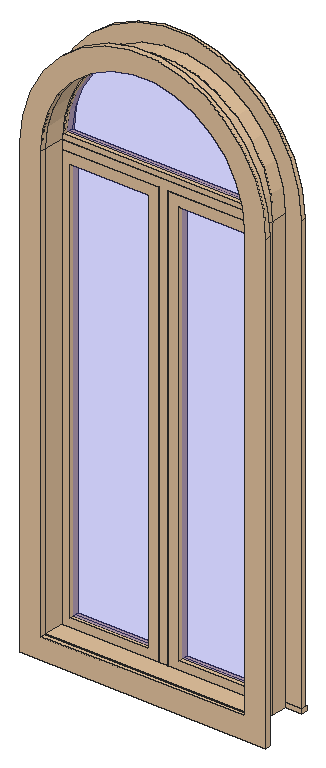
Revit family "M_Janela-batente-duplo-redondo", category Janelas, Revit 2019
Family settings
  Hospedeiro = Parede
  Número OmniClass = 23.30.20.17.21.14
  Título OmniClass = Casement Windows
  ID de item do Seek = Combination Rtp with Trim-0000-CAN-ENU
  Sempre na vertical = Sim
  Corte com vazios quando carregada = Não
  Compartilhado = Não
  Ponto de cálculo do ambiente = Não
Parameters (values of type "0915 x 1830mm")
  Visual Light Transmittance = 0.9
  Solar Heat Gain Coefficient = 0.86
  ID do tipo de construção = ""
  Coeficiente de transferência de calor (U) = 5.5617 W/(m²·K)
  Material do painel de vidro = Vidro
  Altura = 1830.00 mm
  Model = ""
  Caixilho = Caixilho
  Altura-padrão do peitoril = 305.00 mm
  Material da apara externa = Recortar
  Material da apara interna = Recortar
  Projeção da apara - Ext. = 13.00 mm
  Projeção da apara - Int. = 19.00 mm
  Largura da apara - Exterior = 89.00 mm
  Largura da apara - Interior = 89.00 mm
  Fechamento da parede = Por hospedeiro
  Largura = 915.00 mm
  Janela aplicada = 19.00 mm
  Construção analítica = Janelas grandes envidraçadas únicas
Types (5, lengths in mm): name | Altura | Altura-padrão do peitoril | Largura
  (no name) | 1830.00 | 305.00 | 915.00
  0915 x 1830mm | 1830.00 | 305.00 | 915.00
  0915 x 1220mm | 1220.00 | 915.00 | 915.00
  1220 x 1220mm | 1220.00 | 915.00 | 1220.00
  1220 x 1830mm | 1830.00 | 305.00 | 1220.00
Reference planes
  plane 1: y = 0
  plane 2 "Centro": x = 8.002
  plane 3 "Esquerda": x = 465.502
  plane 4 "Direita": x = -449.498
  plane 5 "Peitoril": z = 305
  plane 6 "Superior": z = 2135
  plane 7: z = 2154.05
  plane 8: z = 2154.05
  plane 9: z = 2154.05
  plane 10: z = 2154.05
  plane 11: z = 2154.05
  plane 12: z = 2154.05
  plane 13: z = 2154.05
  plane 14 "Raio": z = 1220
  plane 15: x = -430.448
  plane 16: x = -417.748
  plane 17: x = -519.448
  plane 18: x = -506.748
  plane 19: x = 433.752
  plane 20: x = 446.452
  plane 21: x = 522.752
  plane 22: x = 535.452
  plane 23: z = 247.75
  plane 24: z = 336.75
  plane 25 "Fechamento": y = 28.625
Forms (mm)
  Extrusion 1, solid, material "Recortar" <- "Material da apara interna"
    sketch origin (8.002, -19.05, 0) x (-1, 0, 0) y (0, 0, 1)
      loop
        line (-457.5, 2154.05) -> (-457.5, 305) -> (457.5, 305) -> (457.5, 2154.05)
        arc (457.5, 2154.05) -> (0, 2611.55) -> (-457.5, 2154.05) r 457.5
      loop
        line (-425.75, 2154.05) -> (-425.75, 336.75) -> (425.75, 336.75) -> (425.75, 2154.05)
        arc (425.75, 2154.05) -> (0, 2579.8) -> (-425.75, 2154.05) r 425.75
    from 31.8 to -57.15
  Extrusion 2, solid, material "Caixilho" <- "Caixilho"
    sketch origin (8.002, -19.05, 0) x (-1, 0, 0) y (0, 0, 1)
      loop
        line (19.05, 2115.95) -> (19.05, 324.05) -> (438.45, 324.05) -> (438.45, 2115.95) -> (19.05, 2115.95)
      loop
        line (63.5, 2071.5) -> (63.5, 368.5) -> (394, 368.5) -> (394, 2071.5) -> (63.5, 2071.5)
    from 31.8 to 76.25
  Extrusion 3, solid, material "Vidro" <- "Material do painel de vidro"
    sketch origin (-116.968, -19.05, -117.036) x (1, 0, 0) y (0, 0, 1)
      loop
        line (-269.029, 2188.536) -> (-269.029, 485.536) -> (61.471, 485.536) -> (61.471, 2188.536) -> (-269.029, 2188.536)
    from -60.375 to -47.675
  Extrusion 4, solid, material "Recortar" <- "Material da apara externa"
    sketch origin (8.002, -19.05, 0) x (-1, 0, 0) y (0, 0, 1)
      loop
        arc (-438.45, 2154.05) -> (0, 2592.5) -> (438.45, 2154.05) r 438.45
        line (438.45, 2154.05) -> (438.45, 324.05) -> (527.45, 324.05) -> (527.45, 2154.05)
        arc (527.45, 2154.05) -> (0, 2681.5) -> (-527.45, 2154.05) r 527.45
        line (-527.45, 2154.05) -> (-527.45, 324.05) -> (-438.45, 324.05) -> (-438.45, 2154.05)
    from 95.25 to 108.25
  Extrusion 5, solid, material "Recortar" <- "Material da apara externa"
    sketch origin (8.002, -19.05, 0) x (-1, 0, 0) y (0, 0, 1)
      loop
        line (-527.45, 324.05) -> (-527.45, 305) -> (527.45, 305) -> (527.45, 324.05) -> (-527.45, 324.05)
    from 95.25 to 120.95
  Extrusion 6, solid, material "Caixilho" <- "Caixilho"
    sketch origin (8.002, -19.05, 0) x (1, 0, 0) y (0, 0, 1)
      loop
        line (-19.05, 2115.95) -> (-19.05, 324.05) -> (19.05, 324.05) -> (19.05, 2115.95) -> (438.45, 2115.95) -> (438.45, 2154.05) -> (-438.45, 2154.05) -> (-438.45, 2115.95) -> (-19.05, 2115.95)
    from -95.3 to -31.8
  Extrusion 7, solid, material "Caixilho" <- "Caixilho"
    sketch origin (8.002, -19.05, 0) x (-1, 0, 0) y (0, 0, 1)
      loop
        line (-438.45, 2115.95) -> (-438.45, 324.05) -> (-19.05, 324.05) -> (-19.05, 2115.95) -> (-438.45, 2115.95)
      loop
        line (-394, 2071.5) -> (-394, 368.5) -> (-63.5, 368.5) -> (-63.5, 2071.5) -> (-394, 2071.5)
    from 31.8 to 76.25
  Extrusion 8, solid, material "Vidro" <- "Material do painel de vidro"
    sketch origin (8.002, -19.05, 0) x (-1, 0, 0) y (0, 0, 1)
      loop
        line (-394, 2071.5) -> (-394, 368.5) -> (-63.5, 368.5) -> (-63.5, 2071.5) -> (-394, 2071.5)
    from 47.675 to 60.375
  Extrusion 9, solid, material "Recortar" <- "Material da apara externa"
    sketch origin (0, -19.05, 0) x (1, 0, 0) y (0, 0, 1)
      loop
        line (-449.498, 2154.05) -> (-449.498, 305) -> (465.502, 305) -> (465.502, 2154.05)
        arc (465.502, 2154.05) -> (8.002, 2611.55) -> (-449.498, 2154.05) r 457.5
      loop
        line (-430.448, 2154.05) -> (-430.448, 324.05) -> (446.452, 324.05) -> (446.452, 2154.05)
        arc (446.452, 2154.05) -> (8.002, 2592.5) -> (-430.448, 2154.05) r 438.45
    from -95.25 to -31.8
  Extrusion 10, solid, material "Caixilho" <- "Caixilho"
    sketch origin (0, 0, 0) x (-1, 0, 0) y (0, 0, 1)
      loop
        arc (430.448, 2154.05) -> (-8.002, 2592.5) -> (-446.452, 2154.05) r 438.45
        line (-446.452, 2154.05) -> (430.448, 2154.05)
      loop
        arc (411.08, 2173.1) -> (-8.002, 2573.565) -> (-427.085, 2173.1) r 419.515
        line (-427.085, 2173.1) -> (411.08, 2173.1)
    from 12.75 to 57.2
  Extrusion 11, solid, material "Vidro" <- "Material do painel de vidro"
    sketch origin (0, 0, 0) x (-1, 0, 0) y (0, 0, 1)
      loop
        arc (411.08, 2173.1) -> (-8.002, 2573.565) -> (-427.085, 2173.1) r 419.515
        line (-427.085, 2173.1) -> (411.08, 2173.1)
    from 28.625 to 41.325
  Extrusion 12, solid, material "Recortar" <- "Material da apara interna"
    sketch origin (0, 0, 0) x (1, 0, 0) y (0, 0, 1)
      loop
        arc (433.752, 2154.05) -> (8.002, 2579.8) -> (-417.748, 2154.05) r 425.75
        line (-417.748, 2154.05) -> (-417.748, 336.75) -> (433.752, 336.75) -> (433.752, 2154.05)
      loop
        arc (522.752, 2154.05) -> (8.002, 2668.8) -> (-506.748, 2154.05) r 514.75
        line (-506.748, 2154.05) -> (-506.748, 247.75) -> (522.752, 247.75) -> (522.752, 2154.05)
    from 76.2 to 95.2
Lines and regions (mm)
  Opening 1
    outline origin (-1524, -76.2, 0) x (1, 0, 0) y (0, 0, 1)
      loop
        line (1074.502, 2154.05) -> (1074.502, 305) -> (1989.502, 305) -> (1989.502, 2154.05)
        arc (1989.502, 2154.05) -> (1532.002, 2611.55) -> (1074.502, 2154.05) r 457.5
  symbolic lines, style "Windows"
    curve 1: line (-430.448, 76.2, 0) -> (-430.448, 12.75, 0)
    curve 2: line (-417.748, 12.75, 0) -> (-417.748, -76.2, 0)
    curve 3: line (-449.498, 76.2, 0) -> (-430.448, 76.2, 0)
    curve 4: line (-417.748, 12.75, 0) -> (-430.448, 12.75, 0)
    curve 5: line (-417.748, -76.2, 0) -> (-449.498, -76.2, 0)
    curve 6: line (-430.448, 57.2, 0) -> (-385.998, 57.2, 0)
    curve 7: line (-430.448, 57.2, 0) -> (-430.448, 12.75, 0)
    curve 8: line (-430.448, 12.75, 0) -> (-385.998, 12.75, 0)
    curve 9: line (-385.998, 57.2, 0) -> (-385.998, 12.75, 0)
    curve 10: line (446.452, 76.2, 0) -> (446.452, 12.75, 0)
    curve 11: line (433.752, 12.75, 0) -> (433.752, -76.2, 0)
    curve 12: line (402.002, 57.2, 0) -> (402.002, 12.75, 0)
    curve 13: line (446.452, 76.2, 0) -> (465.502, 76.2, 0)
    curve 14: line (402.002, 57.2, 0) -> (446.452, 57.2, 0)
    curve 15: line (402.002, 12.75, 0) -> (446.452, 12.75, 0)
    curve 16: line (433.752, -76.2, 0) -> (465.502, -76.2, 0)
    curve 17: line (-55.498, 12.75, 0) -> (-55.498, 57.2, 0)
    curve 18: line (-55.498, 57.2, 0) -> (-11.048, 57.2, 0)
    curve 19: line (-11.048, 57.2, 0) -> (-11.048, 76.25, 0)
    curve 20: line (-11.048, 76.25, 0) -> (27.052, 76.25, 0)
    curve 21: line (27.052, 76.25, 0) -> (27.052, 57.2, 0)
    curve 22: line (27.052, 57.2, 0) -> (71.502, 57.2, 0)
    curve 23: line (71.502, 57.2, 0) -> (71.502, 12.75, 0)
    curve 24: line (71.502, 12.75, 0) -> (-55.498, 12.75, 0)
    curve 25: line (-11.048, 57.2, 0) -> (-11.048, 12.75, 0)
    curve 26: line (27.052, 57.2, 0) -> (27.052, 12.75, 0)
    curve 27: line (-385.998, 34.975, 0) -> (-55.498, 34.975, 0)
    curve 28: line (71.502, 34.975, 0) -> (402.002, 34.975, 0)
  symbolic lines, style "Giro da elevação"
    curve 29: line (27.052, 0, 2115.95) -> (446.452, 0, 1220)
    curve 30: line (446.452, 0, 1220) -> (27.052, 0, 324.05)
    curve 31: line (-11.048, 0, 324.05) -> (-430.448, 0, 1220)
    curve 32: line (-11.048, 0, 2115.95) -> (-430.448, 0, 1220)
Text (mm)
  text "Exterior" at (0, 1019.848, 3124.603), in view "Direita"
  text "Exterior" at (-1787.662, 723.012, 0), in view "Linha do piso"
  text "Exterior" at (0, 1206.291, 3571.227), in view "Esquerda"
Dimensions and locks
  equal spacing: plane 4 "Direita", plane 2 "Centro", plane 3 "Esquerda"
  "Altura-padrão do peitoril": host wall to plane 5 "Peitoril"
  locked: plane 6 "Superior" to plane 7 at 19.05
  locked: plane 6 "Superior" to plane 8 at 19.05
  locked: plane 6 "Superior" to plane 9 at 19.05
  locked: plane 6 "Superior" to plane 10 at 19.05
  locked: plane 6 "Superior" to plane 11 at 19.05
  locked: plane 6 "Superior" to plane 12 at 19.05
  locked: Extrusion 6 to Extrusion 2 at 19.05
  "Projeção da apara - Ext.": Extrusion 4 to Extrusion 4
  locked: Extrusion 5 to Extrusion 4 at 12.7
  locked: Extrusion 2 to Extrusion 2 at 44.45
  locked: Extrusion 2 to Extrusion 3 at 15.875
  locked: Extrusion 3 to Extrusion 3 at 12.7
  locked: Extrusion 6 to Extrusion 6 at 63.5
  "Projeção da apara - Int.": Extrusion 12 to Extrusion 12
  "Janela aplicada": Extrusion 4 to Extrusion 10
  equal spacing: plane 5 "Peitoril", plane 14 "Raio", plane 6 "Superior"
  locked: plane 13 to plane 6 "Superior" at 19.05
  locked: plane 20 to plane 3 "Esquerda" at 19.05
  locked: plane 19 to plane 3 "Esquerda" at 31.75
  locked: plane 4 "Direita" to plane 15 at 19.05
  locked: plane 4 "Direita" to plane 16 at 31.75
  "Largura da apara - Exterior": plane 22 to plane 20
  "Largura da apara - Exterior": plane 15 to plane 17
  locked: plane 24 to plane 5 "Peitoril" at 31.75
  "Largura da apara - Interior": plane 24 to plane 23
  "Largura da apara - Interior": plane 16 to plane 18
  "Largura da apara - Interior": plane 21 to plane 19
  locked: Extrusion 5 sketch curve to Extrusion 5 sketch curve at 19.05
  "Largura": plane 4 "Direita" to plane 3 "Esquerda"
  "Altura": plane 5 "Peitoril" to plane 6 "Superior"
  locked: host wall to plane 25 "Fechamento" at 47.575
  aligned and locked: plane 4 "Direita" to Opening 1 sketch curve  (x2)
  aligned and locked: plane 3 "Esquerda" to Opening 1 sketch curve
  aligned and locked: Extrusion 3 sketch curve to Extrusion 2  (x4)
  aligned and locked: Extrusion 5 sketch curve to Extrusion 4
  aligned and locked: Extrusion 2 sketch curve to Extrusion 6
  aligned and locked: Extrusion 7 sketch curve to Extrusion 6  (x2)
  aligned and locked: Extrusion 8 sketch curve to Extrusion 7  (x4)
  aligned and locked: plane 8 to Extrusion 4 sketch curve  (x2)
  aligned and locked: Extrusion 4 sketch curve to plane 8
  aligned and locked: Extrusion 9 sketch curve to Extrusion 4  (x3)
  aligned and locked: Extrusion 9 sketch curve to plane 3 "Esquerda"
  aligned and locked: Extrusion 9 sketch curve to plane 4 "Direita"
  aligned and locked: Extrusion 1 sketch curve to Extrusion 9  (x2)
  aligned and locked: Extrusion 9 to Extrusion 1
  aligned and locked: Extrusion 10 sketch curve to Extrusion 4  (x2)
  aligned and locked: Extrusion 10 to Extrusion 1
  aligned and locked: Extrusion 6 sketch curve to Extrusion 4  (x2)
  aligned and locked: Extrusion 11 sketch curve to Extrusion 10  (x2)
  aligned and locked: Extrusion 11 to Extrusion 3
  aligned and locked: Extrusion 5 to host wall
  aligned and locked: Extrusion 2 to Extrusion 7
  aligned and locked: Extrusion 10 to Extrusion 2
  aligned and locked: host wall to Extrusion 9
  aligned and locked: Extrusion 4 to host wall
  aligned and locked: host wall to Extrusion 1
  aligned and locked: Extrusion 3 to Extrusion 11
  aligned and locked: Extrusion 8 to Extrusion 3  (x2)
  aligned and locked: Extrusion 9 to Extrusion 2
  aligned and locked: Extrusion 6 to Extrusion 1  (x4)
  aligned and locked: Extrusion 7 to Extrusion 1
  aligned and locked: Extrusion 6 to curve 1
  aligned and locked: Extrusion 9 to curve 3
  aligned and locked: Extrusion 9 to curve 10
  aligned and locked: curve 11 to Extrusion 1
  aligned and locked: curve 12 to Extrusion 7
  aligned and locked: curve 25 to Extrusion 2
  aligned and locked: curve 26 to Extrusion 7
  aligned and locked: Extrusion 1 to curve 16
  aligned and locked: Extrusion 4 to curve 3
  aligned and locked: Extrusion 4 to curve 13
  aligned and locked: curve 5 to Extrusion 1
  aligned and locked: Extrusion 12 sketch curve to Extrusion 1  (x3)
  aligned and locked: plane 13 to Extrusion 12 sketch curve
  aligned and locked: Extrusion 12 to host wall
  aligned and locked: curve 6 to Extrusion 2
  aligned and locked: Extrusion 1 to curve 24
  aligned and locked: curve 22 to Extrusion 7
  aligned and locked: curve 15 to Extrusion 1
  aligned and locked: curve 14 to Extrusion 7
  aligned and locked: curve 8 to Extrusion 1
  aligned and locked: Extrusion 1 to curve 4
  aligned and locked: curve 18 to Extrusion 2
  aligned and locked: curve 27 to curve 28
Automatic sketch dimensions
  Opening 1 sketch curve to plane 5 "Peitoril" = 0.00 mm
  Opening 1 sketch curve to plane 7 = 0.00 mm
  Extrusion 2 sketch curve to Extrusion 2 sketch curve = 44.45 mm  (x2)
  plane 4 "Direita" to Extrusion 2 sketch curve = 63.50 mm
  plane 4 "Direita" to Extrusion 2 sketch curve = 19.05 mm
  Extrusion 2 sketch curve to plane 5 "Peitoril" = 19.05 mm
  plane 6 "Superior" to Extrusion 2 sketch curve = 63.50 mm
  plane 6 "Superior" to Extrusion 2 sketch curve = 19.05 mm
  plane 2 "Centro" to Extrusion 7 sketch curve = 63.50 mm
  Extrusion 7 sketch curve to plane 3 "Esquerda" = 63.50 mm
  Extrusion 7 sketch curve to plane 3 "Esquerda" = 19.05 mm
  Extrusion 7 sketch curve to Extrusion 7 sketch curve = 44.45 mm
  plane 6 "Superior" to Extrusion 7 sketch curve = 63.50 mm
  plane 6 "Superior" to Extrusion 7 sketch curve = 19.05 mm
  Extrusion 9 sketch curve to plane 5 "Peitoril" = 0.00 mm
  Extrusion 9 sketch curve to plane 9 = 0.00 mm
  Extrusion 9 sketch curve to plane 5 "Peitoril" = 19.05 mm
  Extrusion 1 sketch curve to plane 3 "Esquerda" = 0.00 mm
  Extrusion 1 sketch curve to plane 10 = 0.00 mm
  Extrusion 1 sketch curve to plane 2 "Centro" = 0.00 mm
  Extrusion 1 sketch curve to plane 5 "Peitoril" = 0.00 mm
  Extrusion 1 sketch curve to plane 5 "Peitoril" = 31.75 mm
  Extrusion 1 sketch curve to Extrusion 1 sketch curve = 31.75 mm
  Extrusion 10 sketch curve to plane 2 "Centro" = 0.00 mm  (x2)
  Extrusion 10 sketch curve to Extrusion 10 sketch curve = 19.368 mm  (x2)
  Extrusion 10 sketch curve to Extrusion 10 sketch curve = 0.00 mm
  Extrusion 10 sketch curve to plane 12 = 0.00 mm
  Extrusion 10 sketch curve to Extrusion 10 sketch curve = 19.05 mm
  Extrusion 6 sketch curve to plane 11 = 0.00 mm
  plane 2 "Centro" to Extrusion 6 sketch curve = 19.05 mm
  Extrusion 6 sketch curve to plane 2 "Centro" = 19.05 mm
  plane 6 "Superior" to Extrusion 6 sketch curve = 19.05 mm  (x2)
  Extrusion 6 sketch curve to plane 5 "Peitoril" = 19.05 mm
  Extrusion 11 sketch curve to plane 2 "Centro" = 0.00 mm
  Extrusion 11 sketch curve to plane 3 "Esquerda" = 38.418 mm
  Extrusion 11 sketch curve to plane 6 "Superior" = 19.05 mm
  curve 5 to plane 4 "Direita" = 0.00 mm
  curve 13 to plane 3 "Esquerda" = 0.00 mm
  curve 16 to plane 3 "Esquerda" = 0.00 mm
  plane 4 "Direita" to curve 2 = 31.75 mm
  curve 6 to curve 6 = 44.45 mm
  curve 27 to curve 25 = 44.45 mm
  curve 26 to curve 23 = 44.45 mm
  curve 28 to curve 22 = 22.225 mm
  curve 18 to curve 19 = 19.05 mm
  Extrusion 12 sketch curve to plane 18 = 0.00 mm
  Extrusion 12 sketch curve to plane 16 = 0.00 mm
  Extrusion 12 sketch curve to plane 2 "Centro" = 0.00 mm
  Extrusion 12 sketch curve to plane 23 = 0.00 mm
  Extrusion 12 sketch curve to plane 24 = 0.00 mm
  Extrusion 5 sketch curve to plane 5 "Peitoril" = 0.00 mm
  Extrusion 5 sketch curve to plane 17 = 0.00 mm
  Extrusion 4 sketch curve to plane 22 = 0.00 mm
  Extrusion 4 sketch curve to plane 20 = 0.00 mm
  Extrusion 4 sketch curve to plane 2 "Centro" = 0.00 mm  (x2)
  Extrusion 4 sketch curve to plane 5 "Peitoril" = 19.05 mm  (x2)
  curve 32 to plane 14 "Raio" = 0.00 mm
  curve 30 to plane 14 "Raio" = 0.00 mm
  curve 32 to plane 15 = 0.00 mm
  curve 30 to plane 20 = 0.00 mm
  plane 6 "Superior" to curve 29 = 19.05 mm
  plane 6 "Superior" to curve 32 = 19.05 mm
  plane 24 to curve 31 = 12.70 mm
  plane 24 to curve 30 = 12.70 mm
  curve 31 to plane 2 "Centro" = 19.05 mm
  curve 32 to plane 2 "Centro" = 19.05 mm
  plane 2 "Centro" to curve 30 = 19.05 mm
  plane 2 "Centro" to curve 29 = 19.05 mm
